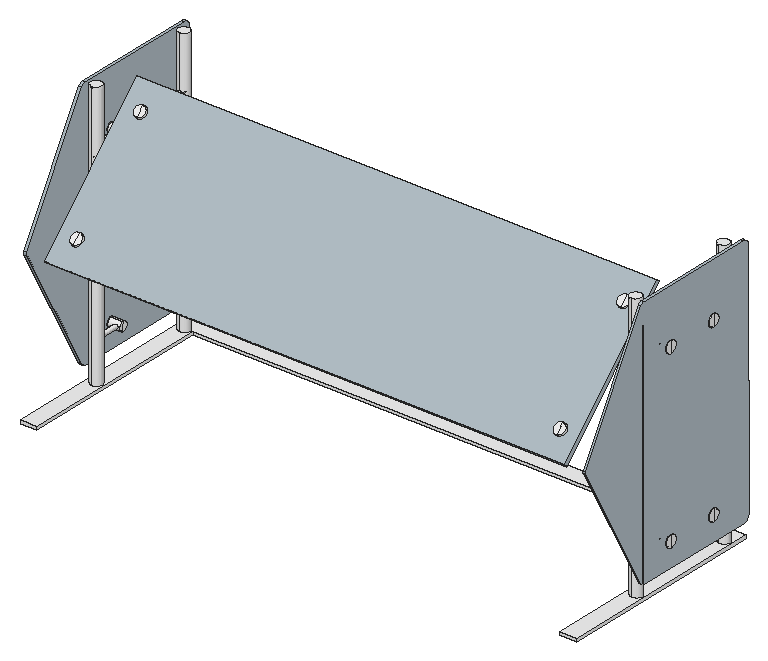
Revit family "QF_PMG_FM1R-A-P", category Specialty Equipment, Revit 2019
Family settings
  Round Connector Dimension = Use Diameter
  Part Type = Normal
  OmniClass Number = 23.40.40.14.24.14
  OmniClass Title = Service Line Equipment
  Work Plane-Based = Yes
  Always vertical = Yes
  Cut with Voids When Loaded = No
  Shared = No
  Room Calculation Point = No
Parameters (values of type "Brushed Stainless Steel #4")
  Width [instance] = 4' - 0"
  Weight in Pounds = 0
  URL Cutsheet = "https://www.pmg-inc.me/specsheets/FM1R-A-PORTABLE.pdf"  # constant formula
  URL = "https://www.pmg-inc.com/"
  Status = ""
  Specification by User [instance] = ""
  Specification by Manufacturer = "Choice™ Adjustable Self-Service Sneeze Guard, portable single sided guard without top shelf, slanted front, tempered glass with polished edges, end panels, 1\" OD round stainless supports, NSF (Contact Premier Sales Department for Pricing)"
  Serial Number [instance] = ""
  Seismic Rating = ""
  SMACNA No = ""
  Right End Panel Vis [instance] = or(Both Left And Right End Panel, Right End Panel Only)  # yes
  Right End Panel Only [instance] = End Panel Selection = 2  # no
  Revision Code = ""
  No Right Panel [instance] = or(Left End Panel Only, No End Panels)  # no
  No Left Panel [instance] = or(Right End Panel Only, No End Panels)  # no
  No End Panels [instance] = End Panel Selection > 3  # no
  NAFEM Spec ID Number = ""
  Model = "FM1R-A-P"  # constant formula
  Masterspec = "Division 11"
  Manufacturer = "Premier Metal And Glass"
  Left End Panel Vis [instance] = or(Both Left And Right End Panel, Left End Panel Only)  # yes
  Left End Panel Only [instance] = End Panel Selection = 3  # no
  Item Number [instance] = ""
  Installed By [instance] = ""
  Identify Quantity as Lot = yes
  Height = 1' - 8 5/16"  # constant formula
  Glass Thickness Selection [instance] = 1
  Glass Thickness [instance] = if([3/8" Glass], 0' 0 3/8", 0' 0 1/4")  # 0' - 0 1/4"
  Furnished By [instance] = ""
  Frame Material = QF_Stainless-Brushed-Satin
  Foodservice Equipment Identifier = yes
  End Panel Selection [instance] = 1
  Description = "Food Shield"
  Depth = 1' - 4 1/4"  # constant formula
  Default Elevation = 4' - 0"
  CSI MasterFormat = "11 46 16"
  Both Left And Right End Panel [instance] = End Panel Selection < 2  # yes
  Assembly Code = "E1090320"
  3/8" Glass [instance] = Glass Thickness Selection = 2  # no
  1/4" Glass [instance] = Glass Thickness Selection < 2  # yes
Reference planes (in)
  plane 1 "BACK": y = 0
  plane 2 "REF. LAYER": z = 0
  plane 3 "LEFT": x = 0
  plane 4 "RIGHT": x = 48
  plane 5 "Center (Left/Right)": x = 24
  plane 6 "Center F/F": x = 0.875
  plane 7 "Center F/G": x = 47.125
  plane 8 "Center F/U": y = -9.75
  plane 9: z = 0.25
  plane 10 "Center F/V": x = -0.75
  plane 11 "Center F/W": x = 0.75
  plane 12 "Center F/X": x = 48.75
  plane 13 "Center F/Y": x = 47.25
  plane 14 "Center F/Z": y = 1.5
  plane 15: through (0, -13.20936, 16.16438) normal (0, -0.7071, 0.7071)
  plane 16: through (0, -13.38614, 16.34116) normal (0, -0.7071, 0.7071)
  plane 17 "Center F/BB": y = -17.25
  plane 18: through (0, -16.37374, 13) normal (0, -0.7071, -0.7071)
  plane 19: through (0, -6.12069, 23.25305) normal (0, -0.7071, -0.7071)
  plane 20: z = 24
  plane 21: z = 18.5625
  plane 22: z = 13
Forms (in)
  Extrusion 1, solid, material "QF_Glass-Tempered-Clear"
    sketch origin (0, -1.32521, 0.32497) x (0, 1, 0) y (0, 0, 1)
      loop
        line (-15.04853, 12.67503) -> (-4.79548, 22.92808) -> (-4.97226, 23.10486) -> (-15.22531, 12.85181) -> (-15.04853, 12.67503)
    from 0.875 to 47.125
  Extrusion 2, solid, material "QF_Stainless-Brushed-Satin" <- "Frame Material"
    sketch origin (0, 0, 0) x (1, 0, 0) y (0, 1, 0)
      loop
        line (-0.75, -17.25) -> (0.75, -17.25) -> (0.75, 0) -> (47.25, 0) -> (47.25, -17.25) -> (48.75, -17.25) -> (48.75, 1.5) -> (-0.75, 1.5) -> (-0.75, -17.25)
    from 0 to 0.25
Lines and regions (in)
  symbolic lines, style "QF_Details_Overcounter"
    curve 1: line (0.875, -6.12069, 0) -> (47.125, -6.12069, 0)
    curve 2: line (0.875, -16.55052, 0) -> (0.875, -6.12069, 0)
    curve 3: line (47.125, -16.55052, 0) -> (0.875, -16.55052, 0)
    curve 4: line (47.125, -6.12069, 0) -> (47.125, -16.55052, 0)
    curve 5: line (0.875, -6.29747, 0) -> (47.125, -6.29747, 0)
    curve 6: line (-0.75, -17.25, 0) -> (-0.75, 1.5, 0)
    curve 7: line (-0.75, 1.5, 0) -> (48.75, 1.5, 0)
    curve 8: line (48.75, 1.5, 0) -> (48.75, -17.25, 0)
    curve 9: line (48.75, -17.25, 0) -> (47.25, -17.25, 0)
    curve 10: line (47.25, -17.25, 0) -> (47.25, 0, 0)
    curve 11: line (47.25, 0, 0) -> (0.75, 0, 0)
    curve 12: line (0.75, 0, 0) -> (0.75, -17.25, 0)
    curve 13: line (0.75, -17.25, 0) -> (-0.75, -17.25, 0)
    curve 14: line (0, -15.87362, 13.50012) -> (0, -8.27222, 21.10152)
Dimensions and locks (in)
  "Width": plane 3 "LEFT" to plane 4 "RIGHT"
  equal spacing: plane 3 "LEFT", plane 5 "Center (Left/Right)", plane 4 "RIGHT"
  locked: plane 3 "LEFT" to plane 6 "Center F/F" at 0.875
  locked: plane 7 "Center F/G" to plane 4 "RIGHT" at 0.875
  locked: plane 9 to plane 2 "REF. LAYER" at 0.25
  plane 11 "Center F/W" to plane 3 "LEFT" to plane 10 "Center F/V" = 0' - 0 3/4" locked, 0' - 0 3/4" locked
  plane 13 "Center F/Y" to plane 4 "RIGHT" to plane 12 "Center F/X" = 0' - 0 3/4" locked, 0' - 0 3/4" locked
  plane 8 "Center F/U" to plane 1 "BACK" to plane 14 "Center F/Z" = 0' - 9 3/4" locked, 0' - 1 1/2" locked
  "Glass Thickness": plane 16 to plane 15
  plane 18 to plane 19 = 1' - 2 1/2"
  aligned and locked: level to plane 2 "REF. LAYER"
  aligned and locked: plane 1 "BACK" to nested 2
  aligned and locked: plane 4 "RIGHT" to nested 2
  aligned and locked: plane 1 "BACK" to nested 1
  aligned and locked: plane 3 "LEFT" to nested 1
  aligned and locked: Extrusion 1 to plane 6 "Center F/F"
  aligned and locked: Extrusion 1 to plane 7 "Center F/G"
  aligned and locked: plane 1 "BACK" to nested 3
  aligned and locked: plane 1 "BACK" to nested 4
  aligned and locked: plane 3 "LEFT" to nested 3
  aligned and locked: plane 4 "RIGHT" to nested 4
  aligned and locked: plane 10 "Center F/V" to Extrusion 2 sketch curve
  aligned and locked: Extrusion 2 sketch curve to plane 11 "Center F/W"
  aligned and locked: Extrusion 2 sketch curve to plane 1 "BACK"
  aligned and locked: plane 14 "Center F/Z" to Extrusion 2 sketch curve
  aligned and locked: plane 12 "Center F/X" to Extrusion 2 sketch curve
  aligned and locked: Extrusion 2 sketch curve to plane 13 "Center F/Y"
  aligned and locked: Extrusion 2 to plane 9
  aligned and locked: plane 17 "Center F/BB" to Extrusion 2  (x2)
  aligned and locked: curve 3 to Extrusion 1
  aligned and locked: curve 1 to Extrusion 1
  aligned and locked: curve 5 to Extrusion 1
  aligned and locked: Extrusion 1 sketch curve to plane 15
  aligned and locked: plane 16 to Extrusion 1 sketch curve
  aligned and locked: plane 18 to Extrusion 1 sketch curve
  aligned and locked: Extrusion 1 sketch curve to plane 19
Automatic sketch dimensions
  plane 17 "Center F/BB" to Extrusion 2 sketch curve = 0' - 0"  (x2)
  curve 13 to plane 10 "Center F/V" = 0' - 0"
  curve 12 to plane 11 "Center F/W" = 0' - 0"
  curve 1 to plane 6 "Center F/F" = 0' - 0"
  curve 5 to plane 7 "Center F/G" = 0' - 0"
  plane 1 "BACK" to curve 10 = 0' - 0"
  curve 10 to plane 13 "Center F/Y" = 0' - 0"
  curve 8 to plane 12 "Center F/X" = 0' - 0"
  plane 17 "Center F/BB" to curve 8 = 0' - 0"
  plane 17 "Center F/BB" to curve 13 = 0' - 0"
  plane 14 "Center F/Z" to curve 7 = 0' - 0"
  curve 14 to plane 15 = 0' - 0"  (x2)
  curve 14 to plane 22 = 0' - 0.50012"
  curve 14 to plane 8 "Center F/U" = 0' - 1.47778"
Nested families (in)
  nested 1: "FM1V-A-P_Side Bracket" at (0, 1.25, 0), Glass Thickness <- "Glass Thickness", Frame Material <- "Frame Material", visible <- "Left End Panel Vis", type "FM1V-A-P_Side Bracket"
    with Right Panel no, Left Panel yes, Glass Thickness 0' - 0 1/4", Frame Material QF_Stainless-Brushed-Satin
  nested 2: "FM1V-A-P_Side Bracket" at (48, 1.25, 0), Glass Thickness <- "Glass Thickness", Frame Material <- "Frame Material", visible <- "Right End Panel Vis", type "FM1V-A-P_Side Bracket"
    with Right Panel yes, Left Panel no, Glass Thickness 0' - 0 1/4", Frame Material QF_Stainless-Brushed-Satin
  nested 3: "FM1V-A-P_Front Bracket" at (0, 1.25, 0), visible <- "No Left Panel", Frame Material <- "Frame Material", Glass Thickness <- "Glass Thickness", type "FM1V-A-P_Front Bracket"
    with Right Panel no, Left Panel yes, Glass Thickness 0' - 0 1/4", Frame Material QF_Stainless-Brushed-Satin
  nested 4: "FM1V-A-P_Front Bracket" at (48, 1.25, 0), visible <- "No Right Panel", Frame Material <- "Frame Material", Glass Thickness <- "Glass Thickness", type "FM1V-A-P_Front Bracket"
    with Right Panel yes, Left Panel no, Glass Thickness 0' - 0 1/4", Frame Material QF_Stainless-Brushed-Satin
Definition of nested family "FM1V-A-P_Side Bracket"
  Parameters (values of type "FM1V-A-P_Side Bracket")
    Width = 3' - 0"
    Right Panel [instance] = not(Left Panel)  # yes
    Left Panel [instance] = no
    Height = 1' - 8 5/16"
    Glass Thickness [instance] = 0' - 0 1/4"
    Frame Material [instance] = none
    Depth = 1' - 10 1/4"
  Reference planes (in)
    plane 1 "REF. LAYER": z = 1.49993
    plane 2 "LEFT": x = 0
    plane 3 "Center F/C": y = -1.25
    plane 4 "Center F/J": y = -2.125
    plane 5 "Center F/PP": y = -0.00218
    plane 6: z = 20.74993
    plane 7 "Center F/QQ": x = 0.7504
    plane 8 "Center F/RR": x = 1.0004
    plane 9 "Center F/SS": x = -0.7504
    plane 10 "Center F/TT": x = -1.0004
    plane 11: z = 0.25
    plane 12 "Center F/UU": y = -11
    plane 13: z = 3.74993
    plane 14: z = 24
    plane 15: z = 18.5625
    plane 16: z = 19.24993
  Forms (in)
    Sweep 1, solid, material <- "Frame Material"
      path origin (0, 0, 0) x (0, 1, 0) y (0, 0, 1)
        loop
          line (-1.25, 0) -> (-1.25, 24)
      profile origin (0, -1.25, 12) x (0, -1, 0) y (1, 0, 0)
        loop
          circle (0, 0) r 0.5
    Extrusion 2, solid, visible <- "Right Panel"
      sketch origin (0, 0, 0) x (0, 1, 0) y (0, 0, 1)
        loop
          arc (-11.24971, 24) -> (-11.47352, 23.94711) -> (-11.64999, 23.79963) r 0.5
          line (-11.64999, 23.79963) -> (-17.76749, 13.29746)
          arc (-17.76749, 13.29746) -> (-17.8011, 13.1762) -> (-17.77139, 13.05392) r 0.25
          line (-17.77139, 13.05392) -> (-11.64871, 1.71998)
          arc (-11.64871, 1.71998) -> (-11.46898, 1.55841) -> (-11.23447, 1.5) r 0.5
          line (-11.23447, 1.5) -> (-0.25, 1.5)
          arc (-0.25, 1.5) -> (0.10355, 1.64645) -> (0.25, 2) r 0.5
          line (0.25, 2) -> (0.25, 23.5)
          arc (0.25, 23.5) -> (0.10355, 23.85355) -> (-0.25, 24) r 0.5
          line (-0.25, 24) -> (-11.24971, 24)
      from 0.7504 to 1.0004
    Extrusion 3, solid, visible <- "Left Panel"
      sketch origin (-4.75, 0, 0) x (0, 1, 0) y (0, 0, 1)
        loop
          line (-17.77139, 13.05392) -> (-11.64871, 1.71998)
          arc (-11.64871, 1.71998) -> (-11.46898, 1.55841) -> (-11.23447, 1.5) r 0.5
          line (-11.23447, 1.5) -> (-0.25, 1.5)
          arc (-0.25, 1.5) -> (0.10355, 1.64645) -> (0.25, 2) r 0.5
          line (0.25, 2) -> (0.25, 23.5)
          arc (0.25, 23.5) -> (0.10355, 23.85355) -> (-0.25, 24) r 0.5
          line (-0.25, 24) -> (-11.24971, 24)
          arc (-11.24971, 24) -> (-11.47352, 23.94711) -> (-11.64999, 23.79963) r 0.5
          line (-11.64999, 23.79963) -> (-17.76749, 13.29746)
          arc (-17.76749, 13.29746) -> (-17.8011, 13.1762) -> (-17.77139, 13.05392) r 0.25
      from 3.7496 to 3.9996
    Sweep 4, solid, material <- "Frame Material"
      path origin (0, -9.75, 0) x (0, 1, 0) y (0, 0, 1)
        loop
          line (-1.25, 0) -> (-1.25, 24)
      profile origin (0, -11, 12) x (0, -1, 0) y (1, 0, 0)
        loop
          circle (0, 0) r 0.5
  Lines and regions (in)
    symbolic lines, visible <- "Right Panel"
      curve 1: line (0.7504, 0.25, 0) -> (1.0004, 0.25, 0)
      curve 2: line (0.7504, -19.37876, 0) -> (0.7504, 0.25, 0)
      curve 3: line (1.0004, -19.37876, 0) -> (0.7504, -19.37876, 0)
      curve 4: line (1.0004, 0.25, 0) -> (1.0004, -19.37876, 0)
    symbolic lines, visible <- "Left Panel"
      curve 5: line (-0.7504, -19.37876, 0) -> (-1.0004, -19.37876, 0)
      curve 6: line (-0.7504, 0.25, 0) -> (-0.7504, -19.37876, 0)
      curve 7: line (-1.0004, 0.25, 0) -> (-0.7504, 0.25, 0)
      curve 8: line (-1.0004, -19.37876, 0) -> (-1.0004, 0.25, 0)
    symbolic lines
      curve 9: line (-1.29169, -1.25, 0) -> (1.29169, -1.25, 0)
      curve 10: line (0, -2.66669, 0) -> (0, 0.16669, 0)
      curve 11: circle (0, -11, 0) r 0.5 normal (0, 0, 1)
      curve 12: circle (0, -1.25, 0) r 0.5 normal (0, 0, 1)
  Dimensions and locks (in)
    locked: plane 4 "Center F/J" to plane 3 "Center F/C" at 0.875
    plane 7 "Center F/QQ" to plane 2 "LEFT" to plane 9 "Center F/SS" = 0' - 0.7504", 0' - 0.7504"
    "Glass Thickness": plane 7 "Center F/QQ" to plane 8 "Center F/RR"
    "Glass Thickness": plane 10 "Center F/TT" to plane 9 "Center F/SS"
    plane 6 to plane 13 to plane 1 "REF. LAYER" to plane 11 to level = 1' - 5", 0' - 2 1/4" locked, 0' - 1.24993" locked, 0' - 0 1/4" locked
    aligned and locked: plane 3 "Center F/C" to nested 1
    aligned and locked: Extrusion 2 to plane 8 "Center F/RR"
    aligned and locked: plane 7 "Center F/QQ" to Extrusion 2
    aligned and locked: Extrusion 3 to plane 9 "Center F/SS"
    aligned and locked: plane 10 "Center F/TT" to Extrusion 3
    aligned and locked: plane 12 "Center F/UU" to nested 7
    aligned and locked: plane 12 "Center F/UU" to nested 2
    aligned and locked: plane 12 "Center F/UU" to nested 8
    aligned and locked: plane 12 "Center F/UU" to nested 4
    aligned and locked: plane 13 to nested 2
    aligned and locked: nested 1 to plane 13
    aligned and locked: plane 12 "Center F/UU" to nested 10
    aligned and locked: plane 12 "Center F/UU" to nested 9
    aligned and locked: nested 10 to plane 2 "LEFT"
    aligned and locked: nested 9 to plane 2 "LEFT"
    aligned and locked: nested 2 to plane 2 "LEFT"
    aligned and locked: plane 2 "LEFT" to nested 1
    aligned and locked: nested 5 to plane 3 "Center F/C"
    aligned and locked: plane 15 to nested 10
    aligned and locked: plane 15 to nested 9
    aligned and locked: plane 16 to nested 8
    aligned and locked: plane 16 to nested 4
    aligned and locked: nested 3 to plane 16
    aligned and locked: nested 6 to plane 16
  Automatic sketch dimensions
    Sweep 1 sketch curve to plane 3 "Center F/C" = 0' - 0"
    Sweep 1 sketch curve to level = 0' - 0"
    Sweep 1 sketch curve to plane 6 = 0' - 3.25007"
    Sweep 1 sketch curve to plane 2 "LEFT" = 0' - 0"
    Sweep 1 sketch curve to profile plane = 0' - 0"
    plane 5 "Center F/PP" to Extrusion 2 sketch curve = 0' - 0.24782"  (x2)
    Extrusion 2 sketch curve to plane 5 "Center F/PP" = 0' - 0.25218"
    plane 1 "REF. LAYER" to Extrusion 2 sketch curve = 0' - 0.00007"
    Extrusion 2 sketch curve to plane 6 = 0' - 2.75007"
    Sweep 4 sketch curve to plane 12 "Center F/UU" = 0' - 0"
    Sweep 4 sketch curve to level = 0' - 0"
    Sweep 4 sketch curve to plane 6 = 0' - 3.25007"
    Sweep 4 sketch curve to plane 2 "LEFT" = 0' - 0"
    Sweep 4 sketch curve to profile plane = 0' - 0"
    plane 3 "Center F/C" to curve 9 = 0' - 0"
    curve 7 to plane 5 "Center F/PP" = 0' - 0.25218"
    curve 7 to plane 10 "Center F/TT" = 0' - 0"
    curve 6 to plane 9 "Center F/SS" = 0' - 0"
    curve 11 to plane 2 "LEFT" = 0' - 0"
    curve 12 to plane 2 "LEFT" = 0' - 0"
    curve 10 to plane 2 "LEFT" = 0' - 0"
    curve 2 to plane 7 "Center F/QQ" = 0' - 0"
    curve 4 to plane 8 "Center F/RR" = 0' - 0"
    plane 12 "Center F/UU" to curve 11 = 0' - 0"
    plane 3 "Center F/C" to curve 12 = 0' - 0"
    curve 4 to plane 5 "Center F/PP" = 0' - 0.25218"
    plane 12 "Center F/UU" to curve 4 = 0' - 8.37876"
    curve 8 to curve 2 = 0' - 0"
    plane 10 "Center F/TT" to curve 9 = 0' - 0.29129"
    curve 9 to plane 8 "Center F/RR" = 0' - 0.29129"
    plane 4 "Center F/J" to curve 10 = 0' - 0.54169"
    curve 10 to plane 5 "Center F/PP" = 0' - 0.16887"
    plane 12 "Center F/UU" to Extrusion 2 sketch curve = 0' - 0.24971"
    plane 12 "Center F/UU" to Extrusion 2 sketch curve = 0' - 6.55113"
    Extrusion 2 sketch curve to Extrusion 2 sketch curve = 0' - 0.21635"
    Extrusion 2 sketch curve to Extrusion 2 sketch curve = 0' - 0 1/256"
    plane 15 to Extrusion 2 sketch curve = 0' - 5.50858"
    Extrusion 2 sketch curve to Extrusion 2 sketch curve = 0' - 0.11827"
    plane 14 to Extrusion 2 sketch curve = 0' - 0.20037"
    Extrusion 2 sketch curve to Extrusion 2 sketch curve = 0' - 0.40028"
    plane 12 "Center F/UU" to Extrusion 2 sketch curve = 0' - 0.23447"
    plane 1 "REF. LAYER" to Extrusion 2 sketch curve = 0' - 0.22005"
    Extrusion 2 sketch curve to Extrusion 2 sketch curve = 0' - 0.41423"
    plane 14 to Extrusion 3 sketch curve = 0' - 0"
    plane 12 "Center F/UU" to Extrusion 3 sketch curve = 0' - 6.77139"
    plane 15 to Extrusion 3 sketch curve = 0' - 5.26504"
    Extrusion 3 sketch curve to Extrusion 3 sketch curve = 0' - 0 1/256"
    Extrusion 3 sketch curve to Extrusion 3 sketch curve = 0' - 0.22026"
    plane 14 to Extrusion 3 sketch curve = 0' - 0.20037"
    plane 12 "Center F/UU" to Extrusion 3 sketch curve = 0' - 0.64999"
    plane 1 "REF. LAYER" to Extrusion 3 sketch curve = 0' - 0.22005"
    plane 12 "Center F/UU" to Extrusion 3 sketch curve = 0' - 0.64871"
    plane 12 "Center F/UU" to Extrusion 3 sketch curve = 0' - 0.24971"
    plane 12 "Center F/UU" to Extrusion 3 sketch curve = 0' - 0.23447"
    plane 1 "REF. LAYER" to Extrusion 3 sketch curve = 0' - 0.00007"
    plane 5 "Center F/PP" to Extrusion 3 sketch curve = 0' - 0.24782"  (x2)
    Extrusion 3 sketch curve to plane 5 "Center F/PP" = 0' - 0.25218"
    Extrusion 3 sketch curve to Extrusion 3 sketch curve = 0' - 0.24353"
    radius of Sweep 1 sketch curve = 0' - 0 1/2"
    radius of Sweep 4 sketch curve = 0' - 0 1/2"
    radius of curve 11 = 0' - 0 1/2"
    radius of curve 12 = 0' - 0 1/2"
  Nested families (in)
    nested 1: "Portable Adjustable Horizontal Glass Clip" at (-0.40584, -3.75, 3.24993) x (0, 1, 0) z (0, 0, 1), Frame Material <- "Frame Material", visible <- "Right Panel", Glass Thickness <- "Glass Thickness", type "Portable Adjustable Horizontal Glass Clip"
      with Glass Thickness 0' - 0 1/4", Frame Material none
    nested 2: "Portable Adjustable Horizontal Glass Clip" at (0.40584, -8.5, 3.24993) x (0, -1, 0) z (0, 0, 1), Frame Material <- "Frame Material", visible <- "Left Panel", Glass Thickness <- "Glass Thickness", type "Portable Adjustable Horizontal Glass Clip"
      with Glass Thickness 0' - 0 1/4", Frame Material none
    nested 3: "Portable Adjustable Horizontal Glass Clip" at (-0.40584, -3.75, 18.74993) x (0, 1, 0) z (0, 0, 1), Frame Material <- "Frame Material", visible <- "Right Panel", Glass Thickness <- "Glass Thickness", type "Portable Adjustable Horizontal Glass Clip"
      with Glass Thickness 0' - 0 1/4", Frame Material none
    nested 4: "Portable Adjustable Horizontal Glass Clip" at (0.40584, -8.5, 18.74993) x (0, -1, 0) z (0, 0, 1), Frame Material <- "Frame Material", visible <- "Left Panel", Glass Thickness <- "Glass Thickness", type "Portable Adjustable Horizontal Glass Clip"
      with Glass Thickness 0' - 0 1/4", Frame Material none
    nested 5: "Portable Adjustable Horizontal Glass Clip" at (0.40584, -3.75, 3.24993) x (0, 1, 0) z (0, 0, 1), Frame Material <- "Frame Material", visible <- "Left Panel", Glass Thickness <- "Glass Thickness", type "Portable Adjustable Horizontal Glass Clip"
      with Glass Thickness 0' - 0 1/4", Frame Material none
    nested 6: "Portable Adjustable Horizontal Glass Clip" at (0.40584, -3.75, 18.74993) x (0, 1, 0) z (0, 0, 1), Frame Material <- "Frame Material", visible <- "Left Panel", Glass Thickness <- "Glass Thickness", type "Portable Adjustable Horizontal Glass Clip"
      with Glass Thickness 0' - 0 1/4", Frame Material none
    nested 7: "Portable Adjustable Horizontal Glass Clip" at (-0.40584, -8.5, 3.24993) x (0, -1, 0) z (0, 0, 1), Frame Material <- "Frame Material", visible <- "Right Panel", Glass Thickness <- "Glass Thickness", type "Portable Adjustable Horizontal Glass Clip"
      with Glass Thickness 0' - 0 1/4", Frame Material none
    nested 8: "Portable Adjustable Horizontal Glass Clip" at (-0.40584, -8.5, 18.74993) x (0, -1, 0) z (0, 0, 1), Frame Material <- "Frame Material", visible <- "Right Panel", Glass Thickness <- "Glass Thickness", type "Portable Adjustable Horizontal Glass Clip"
      with Glass Thickness 0' - 0 1/4", Frame Material none
    nested 9: "Portable Adjustable Front Glass Mount_45" at (0, -11, 18.5625), Frame Material <- "Frame Material", visible <- "Right Panel", Glass Thickness <- "Glass Thickness", type "Portable Adjustable Front Glass Mount_45"
    nested 10: "Portable Adjustable Front Glass Mount_45" at (0, -11, 18.5625) x (-1, 0, 0) z (0, 0, 1), Frame Material <- "Frame Material", visible <- "Left Panel", Glass Thickness <- "Glass Thickness", type "Portable Adjustable Front Glass Mount_45"
  Definition of nested family "Portable Adjustable Horizontal Glass Clip"
    Parameters (values of type "Portable Adjustable Horizontal Glass Clip")
      Width = 3' - 0"
      Height = 3' - 0"
      Glass Thickness [instance] = 0' - 0 3/8"
      Frame Material [instance] = none
      Depth = 0' - 1.35355"
    Reference planes (in)
      plane 1 "BACK": y = 0
      plane 2 "REF. LAYER": z = 0
      plane 3 "LEFT": x = 0
      plane 4: z = 3
      plane 5: z = 1
      plane 6: z = 0.875
      plane 7: z = 0.125
      plane 8: z = 0.5
      plane 9 "Center F/E": y = -1.125
      plane 10 "Center F/F": y = -1.15624
      plane 11 "Center F/G": y = -1.53125
      plane 12 "Center F/H": y = -1.5625
      plane 13 "Center F/I": y = -1.6875
      plane 14 "Center F/J": y = -0.40584
      plane 15 "Center F/K": x = 3
      plane 16 "Center F/L": x = -3
      plane 17 "Center F/M": x = 2.5
    Forms (in)
      Revolve 1, solid, material <- "Frame Material"
        sketch origin (0, 0, 0) x (0, 1, 0) y (0, 0, 1)
          loop
            line (-1.6875, 0.5) -> (0, 0.5) -> (0, 0.875) -> (-1.125, 0.875) -> (-1.125, 0.625) -> (-1.5625, 0.625) -> (-1.5625, 1) -> (-1.6875, 1) -> (-1.6875, 0.5)
          axis (-1.6875, 0.5) -> (0, 0.5)
        angle from 0 to 360
      Extrusion 2, solid
        sketch origin (0, 0, 0) x (1, 0, 0) y (0, 0, 1)
          loop
            circle (0, 0.5) r 0.125
          loop
            circle (0, 0.5) r 0.375
        from 1.125 to 1.15624
      Extrusion 3, solid
        sketch origin (0, -1.25, 0) x (1, 0, 0) y (0, 0, 1)
          loop
            circle (0, 0.5) r 0.125
          loop
            circle (0, 0.5) r 0.375
        from 0.28125 to 0.3125
      Revolve 4, solid, material <- "Frame Material"
        sketch origin (0, -0.40584, 0) x (1, 0, 0) y (0, 0, 1)
          loop
            line (0, 0.5) -> (0, 0.3125) -> (2.5, 0.3125) -> (2.5, 0.5) -> (0, 0.5)
          axis (0, 0.5) -> (2.5, 0.5)
        angle from 0 to 360
    Lines and regions (in)
      symbolic lines
        curve 1: line (2.5, 0, 0.68552) -> (2.5, 0, 0.31448)
        curve 2: line (2.68552, 0, 0.5) -> (2.31448, 0, 0.5)
        curve 3: line (0, -0.64158, 3) -> (0, -0.1701, 3)
        curve 4: line (0, -0.40584, 2.76426) -> (0, -0.40584, 3.23574)
        curve 5: line (-0.5, -1.5625, 0) -> (0.5, -1.5625, 0)
        curve 6: line (-0.5, -1.6875, 0) -> (-0.5, -1.5625, 0)
        curve 7: line (0.5, -1.6875, 0) -> (-0.5, -1.6875, 0)
        curve 8: line (0.5, -1.5625, 0) -> (0.5, -1.6875, 0)
        curve 9: line (-0.375, -1.15624, 0) -> (-0.375, 0, 0)
        curve 10: line (0.375, -1.15624, 0) -> (-0.375, -1.15624, 0)
        curve 11: line (0.375, 0, 0) -> (0.375, -1.15624, 0)
        curve 12: line (-0.375, -1.125, 0) -> (0.375, -1.125, 0)
        curve 13: line (-0.375, -1.53125, 0) -> (-0.375, -1.5625, 0)
        curve 14: line (-0.375, -1.53125, 0) -> (0.375, -1.53125, 0)
        curve 15: line (0.375, -1.53125, 0) -> (0.375, -1.5625, 0)
        curve 16: line (-0.125, -1.15624, 0) -> (-0.125, -1.53125, 0)
        curve 17: line (0.125, -1.15624, 0) -> (0.125, -1.53125, 0)
        curve 18: line (2.5, -0.21834, 0) -> (2.5, -0.59334, 0)
        curve 19: line (2.3125, -0.40584, 0) -> (2.6875, -0.40584, 0)
        curve 20: line (-0.375, 0, 0) -> (0.375, 0, 0)
        curve 21: line (0.375, -0.59334, 0) -> (2.03649, -0.59334, 0)
        curve 22: line (0.375, -0.21834, 0) -> (2.03649, -0.21834, 0)
        curve 23: arc (2.03649, -0.21834, 0) -> (2, -0.40584, 0) -> (2.03649, -0.59334, 0) r 0.5
    Dimensions and locks (in)
      locked: plane 4 to plane 2 "REF. LAYER" at 3
      "Glass Thickness": plane 11 "Center F/G" to plane 10 "Center F/F"
      plane 10 "Center F/F" to plane 9 "Center F/E" to plane 1 "BACK" = 0' - 0 1/32" locked, 0' - 1 1/8"
      plane 13 "Center F/I" to plane 12 "Center F/H" to plane 11 "Center F/G" = 0' - 0 1/8" locked, 0' - 0 1/32" locked
      plane 15 "Center F/K" to plane 17 "Center F/M" to plane 3 "LEFT" to plane 16 "Center F/L" = 0' - 0 1/2" locked, 0' - 2 1/2" locked, 0' - 3" locked
      aligned and locked: level to plane 2 "REF. LAYER"
      aligned and locked: Revolve 1 sketch curve to plane 1 "BACK"
      aligned and locked: plane 9 "Center F/E" to Revolve 1 sketch curve
      aligned and locked: plane 12 "Center F/H" to Revolve 1 sketch curve
      aligned and locked: Revolve 1 sketch curve to plane 13 "Center F/I"
      aligned and locked: Extrusion 2 to plane 9 "Center F/E"
      aligned and locked: plane 10 "Center F/F" to Extrusion 2
      aligned and locked: Extrusion 3 to plane 11 "Center F/G"
      aligned and locked: plane 12 "Center F/H" to Extrusion 3
      aligned and locked: curve 5 to Revolve 1
      aligned and locked: curve 7 to Revolve 1
      aligned and locked: curve 10 to Extrusion 2
      aligned and locked: plane 3 "LEFT" to Revolve 4 sketch curve
      aligned and locked: Revolve 4 sketch curve to plane 17 "Center F/M"
    Automatic sketch dimensions
      Revolve 1 sketch curve to plane 8 = 0' - 0"  (x2)
      Revolve 1 sketch curve to plane 6 = 0' - 0"
      Revolve 1 sketch curve to plane 5 = 0' - 0"
      plane 8 to Revolve 1 sketch curve = 0' - 0 1/8"
      Revolve 1 sketch curve to Revolve 1 sketch curve = 0' - 0 1/4"
      Revolve 1 sketch curve to plane 1 "BACK" = 0' - 0.13914"
      Extrusion 2 sketch curve to Extrusion 2 sketch curve = 0' - 0"  (x2)
      Extrusion 2 sketch curve to plane 3 "LEFT" = 0' - 0"
      Extrusion 2 sketch curve to plane 8 = 0' - 0"
      Extrusion 3 sketch curve to Extrusion 3 sketch curve = 0' - 0"  (x2)
      Extrusion 3 sketch curve to plane 3 "LEFT" = 0' - 0"
      Extrusion 3 sketch curve to plane 8 = 0' - 0"
      plane 3 "LEFT" to curve 1 = 0' - 2 1/2"
      curve 1 to plane 4 = 0' - 2.68552"
      curve 1 to plane 4 = 0' - 2.31448"
      curve 2 to plane 4 = 0' - 2 1/2"
      plane 3 "LEFT" to curve 2 = 0' - 2.31448"
      plane 3 "LEFT" to curve 2 = 0' - 2.68552"
      curve 3 to plane 4 = 0' - 0"
      plane 14 "Center F/J" to curve 3 = 0' - 0.23574"
      plane 1 "BACK" to curve 3 = 0' - 0.1701"
      curve 4 to plane 14 "Center F/J" = 0' - 0"
      curve 4 to plane 4 = 0' - 0.23574"
      plane 4 to curve 4 = 0' - 0.23574"
      Revolve 4 sketch curve to plane 8 = 0' - 0"  (x2)
      plane 7 to Revolve 4 sketch curve = 0' - 0 3/16"
      Revolve 4 sketch curve to Revolve 4 sketch curve = 0' - 0.29307"
      plane 17 "Center F/M" to Revolve 4 sketch curve = 0' - 0.1477"
      plane 9 "Center F/E" to curve 12 = 0' - 0"
      plane 1 "BACK" to curve 20 = 0' - 0"
      plane 11 "Center F/G" to curve 14 = 0' - 0"
      plane 14 "Center F/J" to curve 19 = 0' - 0"
      curve 18 to plane 17 "Center F/M" = 0' - 0"
      curve 22 to plane 14 "Center F/J" = 0' - 0 3/16"
      plane 3 "LEFT" to curve 8 = 0' - 0 1/2"
      plane 3 "LEFT" to curve 11 = 0' - 0 3/8"
      curve 15 to curve 5 = 0' - 0 1/8"
      curve 13 to plane 3 "LEFT" = 0' - 0 3/8"
      curve 9 to plane 3 "LEFT" = 0' - 0 3/8"
      curve 5 to curve 13 = 0' - 0 1/8"
      plane 14 "Center F/J" to curve 21 = 0' - 0 3/16"
      plane 3 "LEFT" to curve 17 = 0' - 0 1/8"
      curve 16 to plane 3 "LEFT" = 0' - 0 1/8"
      plane 17 "Center F/M" to curve 19 = 0' - 0 3/16"
      plane 14 "Center F/J" to curve 18 = 0' - 0 3/16"
      curve 21 to curve 19 = 0' - 0.27601"
      plane 14 "Center F/J" to curve 23 = 0' - 0"
      curve 23 to plane 17 "Center F/M" = 0' - 0"
      curve 23 to curve 18 = 0' - 0 3/16"
      curve 22 to plane 17 "Center F/M" = 0' - 0.46351"
      radius of Extrusion 2 sketch curve = 0' - 0 1/8"
      radius of Extrusion 2 sketch curve = 0' - 0 3/8"
      radius of Extrusion 3 sketch curve = 0' - 0 1/8"
      radius of Extrusion 3 sketch curve = 0' - 0 3/8"
  Definition of nested family "Portable Adjustable Front Glass Mount_45"
    Parameters (values of type "Portable Adjustable Front Glass Mount_45")
      Width = 3' - 0"
      Height = 3' - 0"
      Glass Thickness [instance] = 0' - 0 1/4"
      Frame Material [instance] = none
      Depth = 0' - 1.35355"
    Reference planes (in)
      plane 1 "BACK": y = 0
      plane 2 "REF. LAYER": z = 0
      plane 3 "LEFT": x = 0
      plane 4 "Center F/N": x = -2.49922
      plane 5: through (0, -2.6176, -2.6176) normal (0, -0.7071, 0.7071)
      plane 6: through (0, -2.48502, -2.75018) normal (0, -0.7071, 0.7071)
      plane 7: through (0, -2.33063, -2.90457) normal (0, -0.7071, 0.7071)
      plane 8: through (0, -3.12613, -2.10908) normal (0, -0.7071, 0.7071)
      plane 9: through (0, -3.14822, -2.08698) normal (0, -0.7071, 0.7071)
      plane 10: through (0, -3.325, -1.9102) normal (0, -0.7071, 0.7071)
      plane 11: through (0, -3.3471, -1.88811) normal (0, -0.7071, 0.7071)
      plane 12: through (0, -3.43548, -1.79972) normal (0, -0.7071, 0.7071)
      plane 13: through (0, -4.36965, -4.63426) normal (0, -0.7071, -0.7071)
      plane 14: through (0, 2.51392, 2.62431) normal (0, -0.7071, -0.7071)
    Forms (in)
      Revolve 1, solid, material <- "Frame Material"
        sketch origin (0, 0, -18.58687) x (1, 0, 0) y (0, 0, 1)
          loop
            line (-3.34922, 18.58687) -> (-3.34922, 18.11824) -> (-3.31772, 18.08674) -> (-3.04499, 18.08674) -> (-3.01349, 18.11824) -> (-2.982, 18.08674) -> (-0.63, 18.08674) -> (-0.63, 18.21187) -> (0, 18.21187) -> (0, 18.58687) -> (-3.34922, 18.58687)
          axis (-3.34922, 18.58687) -> (0, 18.58687)
        angle from 0 to 360
      Revolve 2, solid, material <- "Frame Material"
        sketch origin (-2.49922, -1.76421, -1.76354) x (0, 0.92388, 0.382683) y (0, -0.382683, 0.92388)
          loop
            line (-3.5773, -1.48228) -> (-3.50554, -1.65551) -> (5.73325, 2.17133) -> (5.6615, 2.34456) -> (-3.5773, -1.48228)
          axis (-3.5773, -1.48228) -> (5.6615, 2.34456)
        angle from 0 to 360
      Revolve 3, solid, material <- "Frame Material"
        sketch origin (-2.49922, -1.76421, -1.76354) x (0, 0.92388, 0.382683) y (0, -0.382683, 0.92388)
          loop
            line (-3.42199, -1.85722) -> (-3.07553, -1.71372) -> (-3.50605, -0.67435) -> (-3.73702, -0.77002) -> (-3.85661, -0.48131) -> (-3.51016, -0.33781) -> (-3.55799, -0.22232) -> (-4.01993, -0.41366) -> (-3.42199, -1.85722)
          axis (-3.42199, -1.85722) -> (-4.01993, -0.41366)
        angle from 0 to 360
      Revolve 4, solid, material <- "Frame Material"
        sketch origin (-2.49922, 2.06263, 7.47526) x (0, 0.92388, 0.382683) y (0, -0.382683, 0.92388)
          loop
            line (-1.25426, -5.10146) -> (-0.90781, -4.95795) -> (-1.33833, -3.91859) -> (-1.5693, -4.01426) -> (-1.68888, -3.72554) -> (-1.34243, -3.58204) -> (-1.39027, -3.46655) -> (-1.8522, -3.6579) -> (-1.25426, -5.10146)
          axis (-1.25426, -5.10146) -> (-1.8522, -3.6579)
        angle from 0 to 360
      Revolve 5, solid
        sketch origin (-2.49922, 2.06263, 7.47526) x (0, 0.92388, 0.382683) y (0, -0.382683, 0.92388)
          loop
            line (-1.80437, -3.77338) -> (-1.79241, -3.80225) -> (-1.44596, -3.65875) -> (-1.45791, -3.62987) -> (-1.80437, -3.77338)
          loop
            line (-1.69674, -4.03322) -> (-1.68478, -4.06209) -> (-1.33833, -3.91859) -> (-1.35028, -3.88972) -> (-1.69674, -4.03322)
          axis (-1.80437, -3.77338) -> (-1.68478, -4.06209)
        angle from 0 to 360
      Revolve 6, solid
        sketch origin (-2.49922, -5.00844, 0.40419) x (0, 0.92388, 0.382683) y (0, -0.382683, 0.92388)
          loop
            line (-1.80437, -3.77338) -> (-1.79241, -3.80225) -> (-1.44596, -3.65875) -> (-1.45791, -3.62987) -> (-1.80437, -3.77338)
          loop
            line (-1.69674, -4.03322) -> (-1.68478, -4.06209) -> (-1.33833, -3.91859) -> (-1.35028, -3.88972) -> (-1.69674, -4.03322)
          axis (-1.80437, -3.77338) -> (-1.68478, -4.06209)
        angle from 0 to 360
    Lines and regions (in)
      symbolic lines
        curve 1: line (0, 0, 0.375) -> (0, 0, -0.375)
        curve 2: line (0, -0.375, 0) -> (0, 0.375, 0)
        curve 3: line (0, 0, -0.375) -> (0, 0, 0.375)
        curve 4: line (-0.375, 0, 0) -> (0.375, 0, 0)
        curve 5: line (-3.34922, -0.46863, 0) -> (-3.34922, 0.46863, 0)
        curve 6: line (-3.34922, 0.46863, 0) -> (-3.31772, 0.50012, 0)
        curve 7: line (-3.31772, 0.50012, 0) -> (-3.04499, 0.50012, 0)
        curve 8: line (-3.04499, 0.50012, 0) -> (-3.01349, 0.46863, 0)
        curve 9: line (-3.01349, 0.46863, 0) -> (-2.982, 0.50012, 0)
        curve 10: line (-0.63, 0.375, 0) -> (-0.33072, 0.375, 0)
        curve 11: line (-3.01349, 0.46863, 0) -> (-3.01349, -0.46863, 0)
        curve 12: line (-3.04499, 0.50012, 0) -> (-3.04499, -0.50012, 0)
        curve 13: line (-3.31772, 0.50012, 0) -> (-3.31772, -0.50012, 0)
        curve 14: line (-2.982, 0.50012, 0) -> (-2.982, -0.50012, 0)
        curve 15: line (-3.34922, -0.46863, 0) -> (-3.31772, -0.50012, 0)
        curve 16: line (-3.31772, -0.50012, 0) -> (-3.04499, -0.50012, 0)
        curve 17: line (-3.04499, -0.50012, 0) -> (-3.01349, -0.46863, 0)
        curve 18: line (-3.01349, -0.46863, 0) -> (-2.982, -0.50012, 0)
        curve 19: line (-2.982, -0.50012, 0) -> (-0.63, -0.50012, 0)
        curve 20: line (-0.63, -0.50012, 0) -> (-0.63, 0.50012, 0)
        curve 21: line (-0.63, -0.375, 0) -> (-0.33072, -0.375, 0)
        curve 22: arc (-0.5, 0, 0) -> (-0.45572, -0.20572, 0) -> (-0.33072, -0.375, 0) r 0.5
        curve 23: line (0, 0.375, 0) -> (0, -0.375, 0)
        curve 24: line (0.375, 0, 0) -> (-0.375, 0, 0)
        curve 25: arc (-0.5, 0, 0) -> (-0.45572, 0.20572, 0) -> (-0.33072, 0.375, 0) r 0.5
        curve 26: spline (-2.99922, 1.83962, 0) -> (-2.98218, 1.93112, 0) -> (-2.93223, 2.01639, 0) -> (-2.85277, 2.08962, 0) -> (-2.74922, 2.1458, 0) -> (-2.62863, 2.18112, 0) -> (-2.49922, 2.19317, 0) -> (-2.36981, 2.18112, 0) -> (-2.24922, 2.1458, 0) -> (-2.14566, 2.08962, 0) -> (-2.0662, 2.01639, 0) -> (-2.01625, 1.93112, 0) -> (-1.99922, 1.83962, 0)
        curve 27: spline (-2.96639, 1.87721, 0) -> (-2.92154, 1.9405, 0) -> (-2.85976, 1.99619, 0) -> (-2.78352, 2.04206, 0) -> (-2.69589, 2.07628, 0) -> (-2.60037, 2.09747, 0) -> (-2.5008, 2.10478, 0) -> (-2.40117, 2.09792, 0) -> (-2.30547, 2.07716, 0) -> (-2.21753, 2.04333, 0) -> (-2.14088, 1.9978, 0) -> (-2.0786, 1.94238, 0) -> (-2.03318, 1.87931, 0)
        curve 28: spline (-2.03318, 1.87931, 0) -> (-1.99978, 1.76806, 0) -> (-2.01806, 1.65508, 0) -> (-2.08612, 1.55204, 0) -> (-2.19691, 1.46961, 0) -> (-2.33898, 1.41632, 0) -> (-2.49763, 1.39768, 0) -> (-2.65644, 1.41561, 0) -> (-2.79899, 1.46827, 0) -> (-2.91052, 1.5502, 0) -> (-2.9795, 1.65293, 0) -> (-2.99879, 1.76582, 0) -> (-2.96639, 1.87721, 0)
        curve 29: line (-2.99922, 1.83962, 0) -> (-2.99922, 1.75123, 0)
        curve 30: line (-1.99922, 1.83962, 0) -> (-1.99922, 1.75123, 0)
        curve 31: spline (-2.12448, 2.07368, 0) -> (-2.14111, 2.1397, 0) -> (-2.18064, 2.20066, 0) -> (-2.24055, 2.25266, 0) -> (-2.31699, 2.29238, 0) -> (-2.4051, 2.31727, 0) -> (-2.49922, 2.32575, 0) -> (-2.59334, 2.31727, 0) -> (-2.68144, 2.29238, 0) -> (-2.75789, 2.25266, 0) -> (-2.81779, 2.20066, 0) -> (-2.85733, 2.1397, 0) -> (-2.87396, 2.07368, 0)
        curve 32: spline (-2.12787, 2.07636, 0) -> (-2.15142, 2.13795, 0) -> (-2.19509, 2.19378, 0) -> (-2.25638, 2.24062, 0) -> (-2.33172, 2.27576, 0) -> (-2.41675, 2.29717, 0) -> (-2.50656, 2.3036, 0) -> (-2.59594, 2.29469, 0) -> (-2.67973, 2.27095, 0) -> (-2.75306, 2.23375, 0) -> (-2.81171, 2.18525, 0) -> (-2.85226, 2.12826, 0) -> (-2.87238, 2.06607, 0)
        curve 33: spline (-2.87238, 2.85608, 0) -> (-2.85966, 2.92471, 0) -> (-2.82239, 2.98866, 0) -> (-2.76308, 3.04358, 0) -> (-2.6858, 3.08572, 0) -> (-2.5958, 3.11221, 0) -> (-2.49922, 3.12125, 0) -> (-2.40264, 3.11221, 0) -> (-2.31264, 3.08572, 0) -> (-2.23535, 3.04358, 0) -> (-2.17605, 2.98866, 0) -> (-2.13877, 2.92471, 0) -> (-2.12606, 2.85608, 0)
        curve 34: line (-2.87238, 2.85608, 0) -> (-2.87238, 2.06607, 0)
        curve 35: line (-2.12606, 2.85608, 0) -> (-2.12606, 2.06607, 0)
        curve 36: spline (-2.99922, -5.23145, 0) -> (-2.98218, -5.13995, 0) -> (-2.93223, -5.05467, 0) -> (-2.85277, -4.98145, 0) -> (-2.74922, -4.92527, 0) -> (-2.62863, -4.88995, 0) -> (-2.49922, -4.8779, 0) -> (-2.36981, -4.88995, 0) -> (-2.24922, -4.92527, 0) -> (-2.14566, -4.98145, 0) -> (-2.0662, -5.05467, 0) -> (-2.01625, -5.13995, 0) -> (-1.99922, -5.23145, 0)
        curve 37: spline (-2.96639, -5.19385, 0) -> (-2.92154, -5.13057, 0) -> (-2.85976, -5.07488, 0) -> (-2.78352, -5.029, 0) -> (-2.69589, -4.99479, 0) -> (-2.60037, -4.9736, 0) -> (-2.5008, -4.96629, 0) -> (-2.40117, -4.97315, 0) -> (-2.30547, -4.99391, 0) -> (-2.21753, -5.02773, 0) -> (-2.14088, -5.07327, 0) -> (-2.0786, -5.12868, 0) -> (-2.03318, -5.19176, 0)
        curve 38: spline (-2.03318, -5.19176, 0) -> (-1.99978, -5.303, 0) -> (-2.01806, -5.41599, 0) -> (-2.08612, -5.51902, 0) -> (-2.19691, -5.60145, 0) -> (-2.33898, -5.65475, 0) -> (-2.49763, -5.67339, 0) -> (-2.65644, -5.65546, 0) -> (-2.79899, -5.6028, 0) -> (-2.91052, -5.52087, 0) -> (-2.9795, -5.41814, 0) -> (-2.99879, -5.30524, 0) -> (-2.96639, -5.19385, 0)
        curve 39: line (-2.99922, -5.23145, 0) -> (-2.99922, -5.31984, 0)
        curve 40: line (-1.99922, -5.23145, 0) -> (-1.99922, -5.31984, 0)
        curve 41: spline (-2.12448, -4.99739, 0) -> (-2.14111, -4.93137, 0) -> (-2.18064, -4.87041, 0) -> (-2.24055, -4.81841, 0) -> (-2.31699, -4.77869, 0) -> (-2.4051, -4.75379, 0) -> (-2.49922, -4.74532, 0) -> (-2.59334, -4.75379, 0) -> (-2.68144, -4.77869, 0) -> (-2.75789, -4.81841, 0) -> (-2.81779, -4.87041, 0) -> (-2.85733, -4.93137, 0) -> (-2.87396, -4.99739, 0)
        curve 42: spline (-2.12787, -4.9947, 0) -> (-2.15142, -4.93312, 0) -> (-2.19509, -4.87729, 0) -> (-2.25638, -4.83044, 0) -> (-2.33172, -4.7953, 0) -> (-2.41675, -4.7739, 0) -> (-2.50656, -4.76746, 0) -> (-2.59594, -4.77638, 0) -> (-2.67973, -4.80012, 0) -> (-2.75306, -4.83732, 0) -> (-2.81171, -4.88582, 0) -> (-2.85226, -4.94281, 0) -> (-2.87238, -5.005, 0)
        curve 43: spline (-2.87238, -4.21499, 0) -> (-2.87096, -4.19191, 0) -> (-2.86673, -4.169, 0) -> (-2.8597, -4.14644, 0) -> (-2.84993, -4.12441, 0) -> (-2.83751, -4.10306, 0) -> (-2.82251, -4.08256, 0) -> (-2.80507, -4.06307, 0) -> (-2.7853, -4.04473, 0) -> (-2.76336, -4.02768, 0) -> (-2.73941, -4.01205, 0) -> (-2.71364, -3.99797, 0) -> (-2.68625, -3.98553, 0)
        curve 44: line (-2.87238, -4.21499, 0) -> (-2.87238, -5.005, 0)
        curve 45: line (-2.12606, -4.21499, 0) -> (-2.12606, -5.005, 0)
        curve 46: line (-2.68625, -4.50196, 0) -> (-2.68625, -0.50012, 0)
        curve 47: line (-2.31219, -4.50196, 0) -> (-2.31219, -0.50012, 0)
        curve 48: spline (-2.31219, -3.98553, 0) -> (-2.28479, -3.99797, 0) -> (-2.25902, -4.01205, 0) -> (-2.23508, -4.02768, 0) -> (-2.21314, -4.04473, 0) -> (-2.19337, -4.06307, 0) -> (-2.17592, -4.08256, 0) -> (-2.16093, -4.10306, 0) -> (-2.1485, -4.12441, 0) -> (-2.13874, -4.14644, 0) -> (-2.13171, -4.169, 0) -> (-2.12747, -4.19191, 0) -> (-2.12606, -4.21499, 0)
        curve 49: spline (-2.31219, -4.50196, 0) -> (-2.31856, -4.53627, 0) -> (-2.33725, -4.56825, 0) -> (-2.36697, -4.59571, 0) -> (-2.4057, -4.61678, 0) -> (-2.45081, -4.63002, 0) -> (-2.49922, -4.63454, 0) -> (-2.54762, -4.63002, 0) -> (-2.59273, -4.61678, 0) -> (-2.63147, -4.59571, 0) -> (-2.66119, -4.56825, 0) -> (-2.67987, -4.53627, 0) -> (-2.68625, -4.50196, 0)
        curve 50: line (-2.982, 0.50012, 0) -> (-0.63, 0.50012, 0)
        curve 51: line (-2.68625, 0.50012, 0) -> (-2.68625, 1.42334, 0)
        curve 52: line (-2.31219, 0.50012, 0) -> (-2.31219, 1.42334, 0)
    Dimensions and locks (in)
      "Glass Thickness": plane 10 to plane 9
      plane 12 to plane 11 to plane 10 = 0' - 0 1/8" locked, 0' - 0 1/32" locked
      plane 9 to plane 8 to plane 5 to plane 6 to plane 7 = 0' - 0 1/32" locked, 0' - 0.71916" locked, 0' - 0 3/16" locked, 0' - 0.21834" locked
      plane 13 to Revolve 3 sketch curve to Revolve 3 sketch curve to Revolve 3 sketch curve = 0' - 0 1/8" locked, 0' - 0 1/4" locked, 0' - 0 1/8" locked
      plane 14 to Revolve 4 sketch curve to Revolve 4 sketch curve to Revolve 4 sketch curve = 0' - 0 1/8" locked, 0' - 0 1/4" locked, 0' - 0 1/8" locked
      plane 14 to Revolve 5 sketch curve to Revolve 5 sketch curve = 0' - 0 3/8" locked, 0' - 0" locked
      locked: plane 13 to plane 14 at 10
      plane 13 to Revolve 6 sketch curve to Revolve 6 sketch curve = 0' - 0 3/8" locked, 0' - 0" locked
      locked: plane 2 "REF. LAYER" to plane 7 (angle 45.00°)
      locked: plane 7 to plane 2 "REF. LAYER" (angle 135.00°)
      aligned and locked: level to plane 2 "REF. LAYER"
      aligned and locked: plane 6 to Revolve 2 sketch curve
      aligned and locked: Revolve 2 sketch curve to plane 5
      aligned and locked: Revolve 3 sketch curve to plane 7
      aligned and locked: plane 8 to Revolve 3 sketch curve
      aligned and locked: plane 11 to Revolve 3 sketch curve
      aligned and locked: Revolve 3 sketch curve to plane 12
      aligned and locked: Revolve 4 sketch curve to plane 7
      aligned and locked: plane 8 to Revolve 4 sketch curve
      aligned and locked: plane 11 to Revolve 4 sketch curve
      aligned and locked: Revolve 4 sketch curve to plane 12
      aligned and locked: Revolve 5 sketch curve to plane 8
      aligned and locked: plane 9 to Revolve 5 sketch curve
      aligned and locked: plane 10 to Revolve 5 sketch curve
      aligned and locked: Revolve 5 sketch curve to plane 11
      aligned and locked: plane 14 to Revolve 2 sketch curve
      aligned and locked: Revolve 2 sketch curve to plane 13
      aligned and locked: Revolve 3 sketch curve to plane 13
      aligned and locked: plane 13 to Revolve 6 sketch curve  (x2)
      aligned and locked: Revolve 6 sketch curve to plane 11
      aligned and locked: plane 10 to Revolve 6 sketch curve
      aligned and locked: plane 9 to Revolve 6 sketch curve
      aligned and locked: Revolve 6 sketch curve to plane 8
      aligned and locked: Revolve 6 sketch curve to plane 13
    Automatic sketch dimensions
      curve 2 to level = 0' - 0"
      curve 1 to plane 1 "BACK" = 0' - 0"
      plane 1 "BACK" to curve 2 = 0' - 0 3/8"
      curve 2 to plane 1 "BACK" = 0' - 0 3/8"
      curve 1 to level = 0' - 0 3/8"
      level to curve 1 = 0' - 0 3/8"
      curve 4 to level = 0' - 0"
      curve 3 to plane 3 "LEFT" = 0' - 0"
      curve 4 to plane 3 "LEFT" = 0' - 0 3/8"
      plane 3 "LEFT" to curve 4 = 0' - 0 3/8"
      curve 3 to level = 0' - 0 3/8"
      level to curve 3 = 0' - 0 3/8"
      Revolve 1 sketch curve to level = 0' - 0"  (x2)
      Revolve 1 sketch curve to plane 3 "LEFT" = 0' - 0"
      Revolve 1 sketch curve to Revolve 1 sketch curve = 0' - 0.63"
      Revolve 1 sketch curve to plane 4 "Center F/N" = 0' - 0.48278"
      Revolve 1 sketch curve to Revolve 1 sketch curve = 0' - 0.03149"  (x4)
      Revolve 1 sketch curve to Revolve 1 sketch curve = 0' - 0.27273"
      Revolve 1 sketch curve to level = 0' - 0 3/8"
      Revolve 1 sketch curve to level = 0' - 0.46863"
      Revolve 1 sketch curve to Revolve 1 sketch curve = 0' - 0"
      Revolve 1 sketch curve to Revolve 1 sketch curve = 0' - 0.28995"
      plane 3 "LEFT" to Revolve 1 sketch curve = 0' - 0.23069"
      Revolve 2 sketch curve to plane 5 = 0' - 0"  (x2)
      Revolve 2 sketch curve to Revolve 2 sketch curve = 0' - 2.19335"
      Revolve 2 sketch curve to Revolve 2 sketch curve = 0' - 0.34559"
      plane 13 to Revolve 3 sketch curve = 0' - 0"  (x2)
      Revolve 3 sketch curve to Revolve 3 sketch curve = 0' - 0.31654"
      Revolve 3 sketch curve to Revolve 3 sketch curve = 0' - 0.1379"
      plane 14 to Revolve 4 sketch curve = 0' - 0"  (x3)
      Revolve 4 sketch curve to Revolve 4 sketch curve = 0' - 0.2687"
      Revolve 4 sketch curve to Revolve 4 sketch curve = 0' - 0.1379"
      plane 14 to Revolve 5 sketch curve = 0' - 0"  (x4)
      Revolve 5 sketch curve to Revolve 5 sketch curve = 0' - 0.23472"
      Revolve 5 sketch curve to Revolve 5 sketch curve = 0' - 0 69/128"
      Revolve 6 sketch curve to Revolve 6 sketch curve = 0' - 0.23472"
      Revolve 6 sketch curve to Revolve 6 sketch curve = 0' - 0 69/128"
      curve 22 to curve 25 = 0' - 0"
      curve 28 to plane 4 "Center F/N" = 0' - 0"
      curve 49 to plane 4 "Center F/N" = 0' - 0"
      curve 42 to plane 4 "Center F/N" = 0' - 0"
      curve 38 to plane 4 "Center F/N" = 0' - 0"
      curve 48 to plane 4 "Center F/N" = 0' - 0"
      curve 31 to plane 4 "Center F/N" = 0' - 0"
      curve 43 to plane 4 "Center F/N" = 0' - 0"
      curve 32 to plane 4 "Center F/N" = 0' - 0"
      curve 27 to plane 4 "Center F/N" = 0' - 0"
      curve 33 to plane 4 "Center F/N" = 0' - 0"
      curve 41 to plane 4 "Center F/N" = 0' - 0"
      curve 37 to plane 4 "Center F/N" = 0' - 0"
      plane 1 "BACK" to curve 25 = 0' - 0"
      plane 1 "BACK" to curve 24 = 0' - 0"
      curve 22 to plane 3 "LEFT" = 0' - 0"
      curve 23 to plane 3 "LEFT" = 0' - 0"
      curve 46 to plane 4 "Center F/N" = 0' - 0.18703"
      curve 34 to curve 33 = 0' - 0.37316"
      curve 44 to curve 43 = 0' - 0.18613"
      curve 14 to plane 4 "Center F/N" = 0' - 0.48278"
      curve 39 to curve 42 = 0' - 0.12684"
      curve 29 to curve 32 = 0' - 0.12684"
      curve 11 to curve 14 = 0' - 0.03149"
      curve 12 to curve 11 = 0' - 0.03149"
      curve 13 to curve 7 = 0' - 0.27273"
      curve 15 to curve 13 = 0' - 0.03149"
      curve 48 to curve 45 = 0' - 0.18613"
      curve 20 to plane 3 "LEFT" = 0' - 0.63"
      curve 21 to curve 21 = 0' - 0.29928"
      curve 10 to curve 10 = 0' - 0.29928"
      plane 1 "BACK" to curve 21 = 0' - 0 3/8"
      plane 1 "BACK" to curve 5 = 0' - 0.46863"
      curve 5 to curve 18 = 0' - 0"
      curve 18 to curve 11 = 0' - 0.03149"
      curve 44 to curve 14 = 0' - 3 183/256"
      curve 43 to curve 45 = 0' - 0"
      curve 46 to curve 44 = 0' - 0.28697"
      curve 44 to curve 49 = 0' - 0.50305"
      curve 40 to curve 47 = 0' - 0.7295"
      curve 5 to plane 1 "BACK" = 0' - 0.46863"
      curve 5 to curve 9 = 0' - 0"
      curve 8 to curve 12 = 0' - 0.03149"
      curve 26 to curve 34 = 0' - 0.22645"
      curve 34 to curve 34 = 0' - 0.79002"
      curve 51 to plane 4 "Center F/N" = 0' - 0.18703"
      curve 41 to curve 42 = 0' - 0.00158"
      curve 31 to curve 34 = 0' - 0.00158"
      curve 36 to curve 37 = 0' - 0.03282"
      curve 26 to curve 28 = 0' - 0.03282"
      curve 42 to curve 41 = 0' - 0.00339"
      curve 32 to curve 31 = 0' - 0.00339"
      curve 28 to curve 30 = 0' - 0.03396"
      curve 38 to curve 40 = 0' - 0.03396"
      curve 25 to curve 24 = 0' - 0 1/8"
      plane 3 "LEFT" to curve 24 = 0' - 0 3/8"
      curve 21 to curve 23 = 0' - 0"
      curve 43 to curve 43 = 0' - 0.22946"
      curve 48 to curve 48 = 0' - 0.22946"
      curve 49 to curve 49 = 0' - 0.13258"
      curve 41 to curve 49 = 0' - 0.11078"
      curve 42 to curve 41 = 0' - 0.0221"  (x2)
      curve 40 to curve 42 = 0' - 0.23675"
      curve 45 to curve 41 = 0' - 0.00761"
      curve 40 to curve 37 = 0' - 0.03969"
      curve 36 to curve 37 = 0' - 0.0376"
      curve 39 to curve 39 = 0' - 0.08839"
      curve 40 to curve 36 = 0' - 0.08839"
      curve 37 to curve 38 = 0' - 0"
      curve 10 to curve 23 = 0' - 0"
      curve 52 to curve 27 = 0' - 0.89755"
      curve 28 to curve 27 = 0' - 0"
      curve 27 to curve 52 = 0' - 0.02567"
      curve 27 to curve 51 = 0' - 0.02567"
      curve 27 to curve 26 = 0' - 0.08839"  (x2)
      curve 29 to curve 29 = 0' - 0.08839"
      curve 30 to curve 26 = 0' - 0.08839"
      curve 26 to curve 32 = 0' - 0.19887"
      curve 32 to curve 31 = 0' - 0.0221"  (x2)
      curve 35 to curve 31 = 0' - 0.00761"
      curve 31 to curve 33 = 0' - 0.26517"
Definition of nested family "FM1V-A-P_Front Bracket"
  Parameters (values of type "FM1V-A-P_Front Bracket")
    Width = 3' - 0"
    Right Panel [instance] = not(Left Panel)  # yes
    Left Panel [instance] = no
    Height = 1' - 8 5/16"
    Glass Thickness [instance] = 0' - 0 1/4"
    Frame Material [instance] = none
    Depth = 1' - 10 1/4"
  Reference planes (in)
    plane 1 "REF. LAYER": z = 1.49993
    plane 2 "LEFT": x = 0
    plane 3 "Center F/C": y = -1.25
    plane 4 "Center F/J": y = -2.125
    plane 5 "Center F/PP": y = -0.00218
    plane 6: z = 20.74993
    plane 7 "Center F/QQ": x = 0.7504
    plane 8 "Center F/RR": x = 1.0004
    plane 9 "Center F/SS": x = -0.7504
    plane 10 "Center F/TT": x = -1.0004
    plane 11: z = 0.25
    plane 12 "Center F/UU": y = -11
    plane 13: z = 3.74993
    plane 14: z = 24
    plane 15: z = 18.5625
  Forms (in)
    Sweep 1, solid, material <- "Frame Material"
      path origin (0, -9.75, 0) x (0, 1, 0) y (0, 0, 1)
        loop
          line (-1.25, 0) -> (-1.25, 24)
      profile origin (0, -11, 12) x (0, -1, 0) y (1, 0, 0)
        loop
          circle (0, 0) r 0.5
  Lines and regions (in)
    symbolic lines
      curve 1: line (-1.29169, -1.25, 0) -> (1.29169, -1.25, 0)
      curve 2: line (0, -2.66669, 0) -> (0, 0.16669, 0)
      curve 3: circle (0, -11, 0) r 0.5 normal (0, 0, 1)
  Dimensions and locks (in)
    plane 12 "Center F/UU" to plane 4 "Center F/J" to plane 3 "Center F/C" to plane 5 "Center F/PP" = 0' - 8 7/8" locked, 0' - 0 7/8" locked, 0' - 1.24782" locked
    plane 7 "Center F/QQ" to plane 2 "LEFT" to plane 9 "Center F/SS" = 0' - 0.7504", 0' - 0.7504"
    "Glass Thickness": plane 7 "Center F/QQ" to plane 8 "Center F/RR"
    "Glass Thickness": plane 10 "Center F/TT" to plane 9 "Center F/SS"
    plane 6 to plane 13 to plane 1 "REF. LAYER" to plane 11 to level = 1' - 5", 0' - 2 1/4" locked, 0' - 1.24993" locked, 0' - 0 1/4" locked
    aligned and locked: nested 1 to plane 12 "Center F/UU"
    aligned and locked: nested 1 to plane 2 "LEFT"
    aligned and locked: plane 12 "Center F/UU" to nested 2
    aligned and locked: nested 2 to plane 2 "LEFT"
    aligned and locked: plane 15 to nested 2
    aligned and locked: plane 15 to nested 1
  Automatic sketch dimensions
    Sweep 1 sketch curve to plane 12 "Center F/UU" = 0' - 0"
    Sweep 1 sketch curve to level = 0' - 0"
    Sweep 1 sketch curve to plane 6 = 0' - 3.25007"
    Sweep 1 sketch curve to plane 2 "LEFT" = 0' - 0"
    Sweep 1 sketch curve to profile plane = 0' - 0"
    plane 3 "Center F/C" to curve 1 = 0' - 0"
    curve 3 to plane 2 "LEFT" = 0' - 0"
    curve 2 to plane 2 "LEFT" = 0' - 0"
    plane 12 "Center F/UU" to curve 3 = 0' - 0"
    plane 10 "Center F/TT" to curve 1 = 0' - 0.29129"
    curve 1 to plane 8 "Center F/RR" = 0' - 0.29129"
    plane 4 "Center F/J" to curve 2 = 0' - 0.54169"
    curve 2 to plane 5 "Center F/PP" = 0' - 0.16887"
    radius of Sweep 1 sketch curve = 0' - 0 1/2"
    radius of curve 3 = 0' - 0 1/2"
  Nested families (in)
    nested 1: "Portable Adjustable Front Glass Mount_45" at (0, -11, 18.5625), Frame Material <- "Frame Material", visible <- "Right Panel", Glass Thickness <- "Glass Thickness", type "Portable Adjustable Front Glass Mount_45"
    nested 2: "Portable Adjustable Front Glass Mount_45" at (0, -11, 18.5625) x (-1, 0, 0) z (0, 0, 1), Frame Material <- "Frame Material", visible <- "Left Panel", Glass Thickness <- "Glass Thickness", type "Portable Adjustable Front Glass Mount_45"
  Definition of nested family "Portable Adjustable Front Glass Mount_45"
    Parameters (values of type "Portable Adjustable Front Glass Mount_45")
      Width = 3' - 0"
      Height = 3' - 0"
      Glass Thickness [instance] = 0' - 0 1/4"
      Frame Material [instance] = none
      Depth = 0' - 1.35355"
    Reference planes (in)
      plane 1 "BACK": y = 0
      plane 2 "REF. LAYER": z = 0
      plane 3 "LEFT": x = 0
      plane 4 "Center F/N": x = -2.49922
      plane 5: through (0, -2.6176, -2.6176) normal (0, -0.7071, 0.7071)
      plane 6: through (0, -2.48502, -2.75018) normal (0, -0.7071, 0.7071)
      plane 7: through (0, -2.33063, -2.90457) normal (0, -0.7071, 0.7071)
      plane 8: through (0, -3.12613, -2.10908) normal (0, -0.7071, 0.7071)
      plane 9: through (0, -3.14822, -2.08698) normal (0, -0.7071, 0.7071)
      plane 10: through (0, -3.325, -1.9102) normal (0, -0.7071, 0.7071)
      plane 11: through (0, -3.3471, -1.88811) normal (0, -0.7071, 0.7071)
      plane 12: through (0, -3.43548, -1.79972) normal (0, -0.7071, 0.7071)
      plane 13: through (0, -4.36965, -4.63426) normal (0, -0.7071, -0.7071)
      plane 14: through (0, 2.51392, 2.62431) normal (0, -0.7071, -0.7071)
    Forms (in)
      Revolve 1, solid, material <- "Frame Material"
        sketch origin (0, 0, -18.58687) x (1, 0, 0) y (0, 0, 1)
          loop
            line (-3.34922, 18.58687) -> (-3.34922, 18.11824) -> (-3.31772, 18.08674) -> (-3.04499, 18.08674) -> (-3.01349, 18.11824) -> (-2.982, 18.08674) -> (-0.63, 18.08674) -> (-0.63, 18.21187) -> (0, 18.21187) -> (0, 18.58687) -> (-3.34922, 18.58687)
          axis (-3.34922, 18.58687) -> (0, 18.58687)
        angle from 0 to 360
      Revolve 2, solid, material <- "Frame Material"
        sketch origin (-2.49922, -1.76421, -1.76354) x (0, 0.92388, 0.382683) y (0, -0.382683, 0.92388)
          loop
            line (-3.5773, -1.48228) -> (-3.50554, -1.65551) -> (5.73325, 2.17133) -> (5.6615, 2.34456) -> (-3.5773, -1.48228)
          axis (-3.5773, -1.48228) -> (5.6615, 2.34456)
        angle from 0 to 360
      Revolve 3, solid, material <- "Frame Material"
        sketch origin (-2.49922, -1.76421, -1.76354) x (0, 0.92388, 0.382683) y (0, -0.382683, 0.92388)
          loop
            line (-3.42199, -1.85722) -> (-3.07553, -1.71372) -> (-3.50605, -0.67435) -> (-3.73702, -0.77002) -> (-3.85661, -0.48131) -> (-3.51016, -0.33781) -> (-3.55799, -0.22232) -> (-4.01993, -0.41366) -> (-3.42199, -1.85722)
          axis (-3.42199, -1.85722) -> (-4.01993, -0.41366)
        angle from 0 to 360
